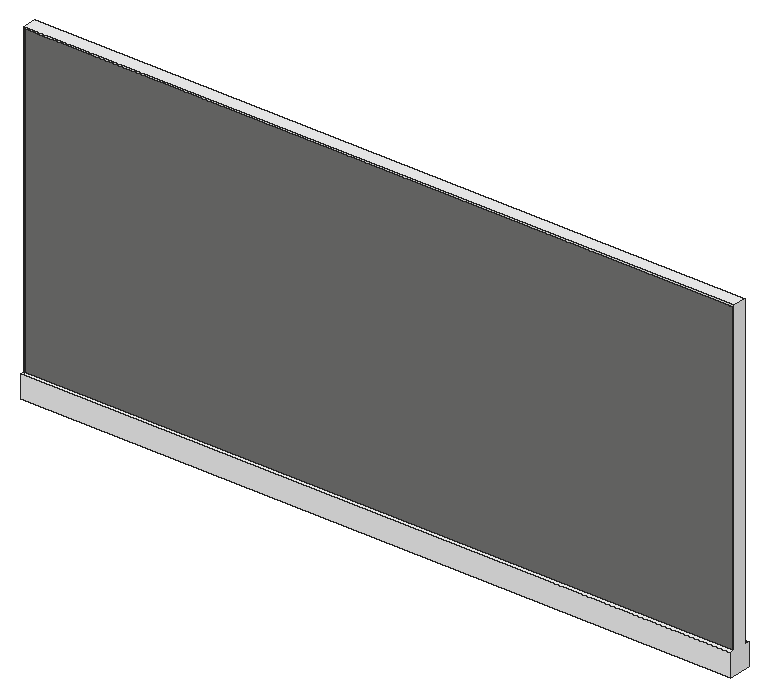
Revit family "Screens-Mounted-Teknion-JNSAFW-Fabric_Add-On-R2015", category Furniture, Revit 2015
Parameters (values of type "Standard Width")
  One Side Shared Screen = no
  One Side Full Screen or Both Sides Shared Screens = no
  Available Widths [instance] = "18 to 84 inches in 3 inch increments"  # constant formula
  Width [instance] = 60.000"
  Warranty = "http://www.teknion.com/ca/papers/legal-canada"
  Unit Weight URL = "http://www.teknion.com/ca/tools/assets#&asset=bee6a381-b954-425e-8283-5a2de3a804f2,f828d448-4b62-4231-9e5f-9a8991c0ed77"
  URL = "www.teknion.com"
  Sustainability Data = "http://www.teknion.com/ca/tools/assets#&topic=216f99a5-57a0-44fc-b10a-9dee9b29ae4c&asset=444deb64-fe58-4b68-981e-f75e97781df7"
  Series = "Expansion Cityline"  # constant formula
  Screen Metal Frame Finish [instance] = Mica - Teknion - V - Satin - Very White
  Screen Finish [instance] = Fabric - Teknion - Heather Tech - R263 - Obsidian tech
  Product Page URL = "http://www.teknion.com/ca/products/product-details?productlineid=9ad2a26e-8e7a-673b-a6c8-ff05004460c4"
  Product Line = "Expansion Cityline"  # constant formula
  Product Documentation Link = "http://www.teknion.com/pricing/expansion-cityline/pdfs/JNSAFW_ppg.pdf"
  Part Number = "JNSASW"  # constant formula
  Model = "JNSASW__S"
  Manufacturer Phone = "416-661-3370"  # constant formula
  Manufacturer Fax = "416.661.4586"  # constant formula
  Manufacturer Contact Information = "http://www.teknion.com/ca/contactus"
  Manufacturer Address = "1150 Flint Road, Toronto, ON. M3J 2J5. Canada"  # constant formula
  Manufacturer = "Teknion"  # constant formula
  Available Heights [instance] = "42, 51, and 57 inches"  # constant formula
  Height [instance] = 57.000"
  Standard Width = yes
  Description = "Fabric Add-On Screen – Desk-Mounted, Standard Width"
  Assembly Code = "E2020200"
  Actual Width [instance] = if(Standard Width, Width, if(One Side Shared Screen, Width - 0.945", Width - 1.890"))  # 60.000"
  Actual Height [instance] = if(Height = 51.000", 50.830", Height)  # 57.000"
Types (4): name | One Side Shared Screen | One Side Full Screen or Both Sides Shared Screens | Model | Standard Width | Description | Actual Width
  (no name) | no | no | "JNSASW__S" | yes | "Fabric Add-On Screen – Desk-Mounted, Standard Width" | 60.000"
  Standard Width | no | no | "JNSASW__S" | yes | "Fabric Add-On Screen – Desk-Mounted, Standard Width" | 60.000"
  One Side Shared Screen | yes | no | "JNSASW__H" | no | "Fabric Add-On Screen – Desk-Mounted, One Side Shared Screen" | 59.055"
  One Side Full Screen or Both Sides Shared Screens | no | yes | "JNSASW__F" | no | "Fabric Add-On Screen – Desk-Mounted, One Side Full Screen or Both Sides Shared Screens" | 58.110"
Reference planes (in)
  plane 1 "Center Front/Back": y = 0
  plane 2: z = 0
  plane 3 "Center Left/Right": x = 0
  plane 4 "Left": x = -30
  plane 5 "Right": x = 30
  plane 6 "Back": y = 0.94488
  plane 7 "Front": y = -0.94488
  plane 8 "Top": z = 57
  plane 9: z = 29
  plane 10: z = 29.41339
  plane 11: z = 30.60236
  plane 12: z = 30.88976
  plane 13: y = 0.55217
  plane 14: y = -0.55217
  plane 15: z = 56.84252
  plane 16: x = -29.921
  plane 17: x = 29.921
Forms (in)
  Extrusion 1, solid, material "Mica - Teknion - V - Satin - Very White" <- "Screen Metal Frame Finish"
    sketch origin (-30, 0, 0) x (0, 1, 0) y (0, 0, 1)
      loop
        line (0.94488, 29) -> (0.94488, 30.88976) -> (0.55217, 30.88976) -> (0.55217, 57) -> (-0.55217, 57) -> (-0.55217, 30.88976) -> (-0.94488, 30.88976) -> (-0.94488, 29) -> (0.94488, 29)
    from 0 to 60
  Extrusion 2, void
    sketch origin (-30, 0, 0) x (0, 1, 0) y (0, 0, 1)
      loop
        line (0.55217, 56.84252) -> (-0.55217, 56.84252) -> (-0.55217, 29.41339) -> (0.55217, 29.41339) -> (0.55217, 56.84252)
    from 0.079 to 59.921
  Extrusion 3, solid, material "Fabric - Teknion - Heather Tech - R263 - Obsidian tech" <- "Screen Finish"
    sketch origin (-30, 0, 0) x (0, 1, 0) y (0, 0, 1)
      loop
        line (0.55217, 56.84252) -> (-0.55217, 56.84252) -> (-0.55217, 30.60236) -> (0.55217, 30.60236) -> (0.55217, 56.84252)
    from 0.079 to 59.921
Cuts and joins
  Extrusion 2 cuts Extrusion 1
Lines and regions (in)
  Masking region 1
    outline origin (0, 0, 0) x (1, 0, 0) y (0, 1, 0)
      loop
        line (-30, 0.94488) -> (-30, -0.94488) -> (30, -0.94488) -> (30, 0.94488) -> (-30, 0.94488)
  reference lines, not visible
    curve 1: line (-30, 0.94488, 0) -> (30, 0.94488, 0)
    curve 2: line (-30, 0.94488, 0) -> (-30, -0.94488, 0)
    curve 3: line (-30, -0.94488, 0) -> (30, -0.94488, 0)
    curve 4: line (30, 0.94488, 0) -> (30, -0.94488, 0)
  symbolic lines
    curve 5: line (-29.921, 0.55217, 0) -> (30, 0.55217, 0)
    curve 6: line (-29.921, -0.55217, 0) -> (30, -0.55217, 0)
  symbolic lines, style "FurnitureHiddenLines", detail levels medium+fine
    curve 7: line (-29.921, 0.55217, 0) -> (-29.921, -0.55217, 0)
    curve 8: line (29.921, 0.55217, 0) -> (29.921, -0.55217, 0)
Dimensions and locks (in)
  "Actual Width": plane 4 "Left" to plane 5 "Right"
  plane 6 "Back" to plane 13 to plane 1 "Center Front/Back" to plane 14 to plane 7 "Front" = 0.39272" locked, 0.55217" locked, 0.55217" locked, 0.39272" locked
  "Actual Height": plane 8 "Top" to level
  equal spacing: plane 4 "Left", plane 3 "Center Left/Right", plane 5 "Right"
  plane 12 to plane 11 to plane 10 to plane 9 to level = 0.2874" locked, 1.18898" locked, 0.41339" locked, 29.000" locked
  locked: plane 8 "Top" to plane 15 at 0.15748
  plane 4 "Left" to plane 16 = 0.079"
  locked: plane 17 to plane 5 "Right" at 0.079
  aligned and locked: level to plane 2
  aligned and locked: Extrusion 1 sketch curve to plane 6 "Back"
  aligned and locked: Extrusion 1 sketch curve to plane 9
  aligned and locked: Extrusion 1 sketch curve to plane 7 "Front"
  aligned and locked: Extrusion 1 sketch curve to plane 12  (x2)
  aligned and locked: plane 13 to Extrusion 1 sketch curve
  aligned and locked: plane 14 to Extrusion 1 sketch curve
  aligned and locked: plane 8 "Top" to Extrusion 1 sketch curve
  aligned and locked: Extrusion 1 to plane 5 "Right"
  aligned and locked: Extrusion 1 to plane 4 "Left"
  aligned and locked: Extrusion 2 sketch curve to plane 15
  aligned and locked: Extrusion 2 sketch curve to plane 13
  aligned and locked: plane 14 to Extrusion 2 sketch curve
  aligned and locked: Extrusion 2 sketch curve to plane 10
  aligned and locked: cut or joined group of Extrusion 1, Extrusion 2 to plane 16
  aligned and locked: plane 17 to cut or joined group of Extrusion 1, Extrusion 2
  aligned and locked: Extrusion 3 sketch curve to plane 13
  aligned and locked: plane 14 to Extrusion 3 sketch curve
  aligned and locked: plane 11 to Extrusion 3 sketch curve
  aligned and locked: Extrusion 3 sketch curve to plane 15
  aligned and locked: Extrusion 3 to plane 16
  aligned and locked: plane 17 to Extrusion 3
  aligned and locked: curve 1 to plane 6 "Back"
  aligned and locked: curve 2 to plane 4 "Left"
  aligned and locked: plane 7 "Front" to curve 3
  aligned and locked: curve 4 to plane 5 "Right"
  aligned and locked: Masking region 1 sketch curve to plane 6 "Back"
  aligned and locked: Masking region 1 sketch curve to plane 4 "Left"
  aligned and locked: Masking region 1 sketch curve to plane 7 "Front"
  aligned and locked: Masking region 1 sketch curve to plane 5 "Right"
  aligned and locked: curve 6 to plane 14
  aligned and locked: curve 8 to cut or joined group of Extrusion 1, Extrusion 2
  aligned and locked: plane 13 to cut or joined group of Extrusion 1, Extrusion 2
  aligned and locked: curve 7 to plane 16
Automatic sketch dimensions
  curve 6 to plane 5 "Right" = 0.000"
  curve 5 to plane 5 "Right" = 0.000"
  curve 8 to plane 14 = 0.000"
  curve 8 to plane 13 = 0.000"
  curve 5 to plane 13 = 0.000"
